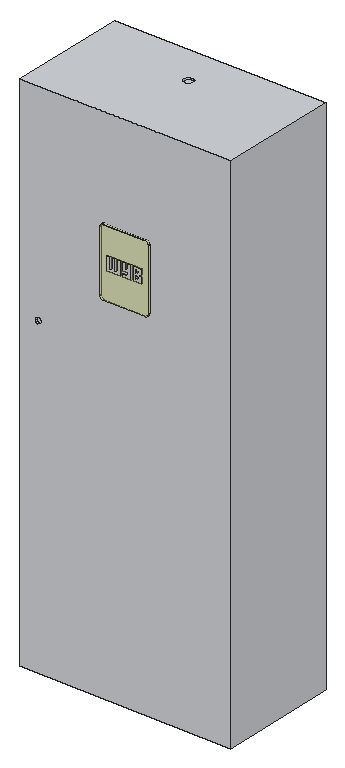
Revit family "ШУВ-Ч_С300_РЖ_ЮТ_18.03.25", category Оборудование, Revit 2020
Family settings
  Размер круглого соединителя = Использовать диаметр
  Классификация = Нет
  Тип детали = Нормальный
  На основе рабочей плоскости = Нет
  Всегда вертикально = Да
  При загрузке вырезать с полостями = Нет
  Общий = Нет
  Точка расчета площади = Нет
Parameters (values of type "ШУВ-Ч_С300_РЖ_ЮТ_55-90кВт")
  расст замок верт = 800 mm
  Ширина [instance] = 800 mm
  Типоразмер шкафа = "Ш20"
  Расст замок = 70 mm
  Расст вывода от левой стенки = 200 mm
  Расст вывода между отв = 60 mm
  Расст вывода от задней стенки = 125 mm
  Расст ПУШ от верхней стенки = 380 mm
  Расст ввод от задней стенки = 150 mm
  Расст ввод от левой стенки = 400 mm
  Расст ПУШ от левой стенки = 310 mm
  Default Elevation = 0 mm
  Description = ""
  Назв гориз ПУШ = 210 mm
  Комментарии к типоразмеру = "Ш20/DEK"
  Изготовитель = "ООО \"Плазма-Т\""
  Группа модели = "ШУВ-Ч"
  Глубина [instance] = 450 mm
  Высота [instance] = 2000 mm
  URL = "https://plazma-t.ru/"
  B = 275 mm
  A = 300 mm
Types (4, lengths in mm): name | расст замок верт | Ширина | Типоразмер шкафа | Расст замок | Расст вывода от левой стенки | Расст вывода от задней стенки | Расст ПУШ от верхней стенки | Расст ввод от задней стенки | Расст ввод от левой стенки | Расст ПУШ от левой стенки | Комментарии к типоразмеру | Глубина | Высота | B | A
  ШУВ-Ч_С300_РЖ_ЮТ_11-15кВт | 400 | 650 | "Ш4" | 55 | 245 | 125 | 110 | 60 | 410 | 335 | "Ш4/DEK" | 250 | 800 | 200 | 225
  ШУВ-Ч_С300_РЖ_ЮТ_0,37-7,5кВт | 300 | 500 | "Ш3" | 55 | 200 | 60 | 110 | 60 | 200 | 220 | "Ш3/DEK" | 220 | 650 | 125 | 150
  ШУВ-Ч_С300_РЖ_ЮТ_55-90кВт | 800 | 800 | "Ш20" | 70 | 200 | 125 | 380 | 150 | 400 | 310 | "Ш20/DEK" | 450 | 2000 | 275 | 300
  ШУВ-Ч_С300_РЖ_ЮТ_18,5-45кВт | 450 | 650 | "Ш5" | 55 | 355 | 125 | 160 | 60 | 375 | 360 | "Ш5/DEK" | 300 | 1000 | 200 | 225
Reference planes
  plane 1 "По центру (Вперед/Назад)": y = 0
  plane 2: z = 0
  plane 3 "По центру (Влево/Вправо)": x = 0
  plane 4: y = -9
Forms (mm)
  Extrusion 1, solid
    sketch origin (0, 0, 0) x (1, 0, 0) y (0, 1, 0)
      loop
        line (0, 0) -> (800, 0) -> (800, 450) -> (0, 450) -> (0, 0)
    from 0 to 2000
  Extrusion 2, solid, material "Источник света по умолчанию"
    sketch origin (0, 0, 0) x (1, 0, 0) y (0, 0, 1)
      loop
        arc (323, 1620) -> (313.808, 1616.192) -> (310, 1607) r 13
        line (310, 1607) -> (310, 1373)
        arc (310, 1373) -> (313.808, 1363.808) -> (323, 1360) r 13
        line (323, 1360) -> (481.542, 1360)
        arc (481.542, 1360) -> (490.734, 1363.808) -> (494.542, 1373) r 13
        line (494.542, 1373) -> (494.542, 1607)
        arc (494.542, 1607) -> (490.734, 1616.192) -> (481.542, 1620) r 13
        line (481.542, 1620) -> (323, 1620)
    from 0 to 9
  Extrusion 3, void
    sketch origin (0, 0, 0) x (1, 0, 0) y (0, 0, 1)
      loop
        circle (70, 1200) r 11.5
    from 10 to -5.347
  Extrusion 4, void
    sketch origin (0, 0, 2000) x (0, 1, 0) y (1, 0, 0)
      loop
        circle (300, 400) r 17
    from 0 to 3
  Extrusion 5, solid
    sketch origin (0, -9, 0) x (1, 0, 0) y (0, 0, 1)
      loop
        line (340.078, 1470) -> (390.25, 1470) -> (390.25, 1520) -> (380.25, 1520) -> (380.25, 1480) -> (370.25, 1480) -> (370.25, 1520) -> (360.25, 1520) -> (360.25, 1480) -> (350.25, 1480) -> (350.25, 1520) -> (340.078, 1520) -> (340.078, 1470)
      loop
        line (400.25, 1520) -> (400.25, 1490) -> (420.25, 1490) -> (420.25, 1480) -> (400.25, 1480) -> (400.25, 1470) -> (430.25, 1470) -> (430.25, 1520) -> (420.25, 1520) -> (420.25, 1500) -> (410.25, 1500) -> (410.25, 1520) -> (400.25, 1520)
      loop
        line (440.25, 1520) -> (440.25, 1470) -> (470.25, 1470) -> (470.25, 1490) -> (465.25, 1495) -> (470.25, 1500) -> (470.25, 1520) -> (440.25, 1520)
      loop
        line (450.25, 1480) -> (460.675, 1480) -> (460.675, 1490) -> (450.25, 1490) -> (450.25, 1480)
      loop
        line (450.675, 1510) -> (450.675, 1500) -> (460.675, 1500) -> (460.675, 1510) -> (450.675, 1510)
    from 0 to 3
  Extrusion 6, void
    sketch origin (0, 0, 0) x (1, 0, 0) y (0, 1, 0)
      loop
        circle (300, 390) r 17
      loop
        circle (350, 390) r 17
      loop
        circle (400, 390) r 17
      loop
        circle (450, 390) r 17
      loop
        circle (500, 390) r 17
      loop
        circle (275, 340) r 17
      loop
        circle (325, 340) r 17
      loop
        circle (375, 340) r 17
      loop
        circle (425, 340) r 17
      loop
        circle (475, 340) r 17
      loop
        circle (525, 340) r 17
    from 0 to 3
Cuts and joins
  Extrusion 3, Extrusion 4, Extrusion 6 cuts Extrusion 1
Dimensions and locks
  "Ширина": Extrusion 1 to Extrusion 1
  "Глубина": Extrusion 1 to Extrusion 1
  "Высота": Extrusion 1 to Extrusion 1
  Extrusion 1 to Extrusion 2 sketch curve = 380 mm
  "Расст ПУШ от верхней стенки": Extrusion 1 to Extrusion 2
  "расст замок верт": Extrusion 1 to Extrusion 3 sketch curve
  "Расст замок": Extrusion 1 to Extrusion 3 sketch curve
  "Расст ввод от левой стенки": Extrusion 4 sketch curve to cut or joined group of Extrusion 1, Extrusion 3, Extrusion 4, Extrusion 6
  "Расст ввод от задней стенки": cut or joined group of Extrusion 1, Extrusion 3, Extrusion 4, Extrusion 6 to Extrusion 4 sketch curve
  locked: Extrusion 2 sketch curve to Extrusion 2 sketch curve at 184.542
  locked: Extrusion 2 sketch curve to Extrusion 2 sketch curve at 260
  "Расст ПУШ от левой стенки": cut or joined group of Extrusion 1, Extrusion 3, Extrusion 4, Extrusion 6 to Extrusion 2 sketch curve
  cut or joined group of Extrusion 1, Extrusion 3, Extrusion 4, Extrusion 6 to cut or joined group of Extrusion 1, Extrusion 3, Extrusion 4, Extrusion 6 = 800 mm
  Extrusion 5 sketch curve to Extrusion 5 sketch curve = 50 mm
  Extrusion 5 sketch curve to Extrusion 2 = 160 mm
  Extrusion 5 sketch curve to Extrusion 5 sketch curve = 50.172 mm
  Extrusion 2 to Extrusion 5 sketch curve = 30.078 mm
  Extrusion 5 sketch curve to Extrusion 5 sketch curve = 60.172 mm
  Extrusion 5 sketch curve to Extrusion 5 sketch curve = 130.172 mm
  Extrusion 5 sketch curve to Extrusion 5 sketch curve = 30 mm  (x2)
  cut or joined group of Extrusion 1, Extrusion 3, Extrusion 4, Extrusion 6 to Extrusion 6 sketch curve = 60 mm  (x5)
  "A": cut or joined group of Extrusion 1, Extrusion 3, Extrusion 4, Extrusion 6 to Extrusion 6 sketch curve
  equal spacing: Extrusion 6 sketch curve, Extrusion 6 sketch curve, Extrusion 6 sketch curve, Extrusion 6 sketch curve, Extrusion 6 sketch curve
  equal spacing: Extrusion 6 sketch curve, Extrusion 6 sketch curve, Extrusion 6 sketch curve, Extrusion 6 sketch curve, Extrusion 6 sketch curve, Extrusion 6 sketch curve
  "B": cut or joined group of Extrusion 1, Extrusion 3, Extrusion 4, Extrusion 6 to Extrusion 6 sketch curve
  cut or joined group of Extrusion 1, Extrusion 3, Extrusion 4, Extrusion 6 to Extrusion 6 sketch curve = 110 mm  (x6)
  diameter of Extrusion 4 sketch curve = 34 mm
  aligned and locked: level to plane 2
  aligned and locked: Extrusion 1 to level
  aligned and locked: Extrusion 1 to plane 3 "По центру (Влево/Вправо)"
  aligned and locked: plane 1 "По центру (Вперед/Назад)" to Extrusion 1
Automatic sketch dimensions
  plane 3 "По центру (Влево/Вправо)" to Extrusion 1 sketch curve = 0 mm
  plane 1 "По центру (Вперед/Назад)" to Extrusion 1 sketch curve = 0 mm
  plane 3 "По центру (Влево/Вправо)" to Extrusion 1 sketch curve = 800 mm
  Extrusion 1 sketch curve to plane 1 "По центру (Вперед/Назад)" = 450 mm
  Extrusion 5 sketch curve to Extrusion 5 sketch curve = 10.172 mm
  Extrusion 5 sketch curve to Extrusion 5 sketch curve = 10 mm  (x15)
  Extrusion 5 sketch curve to Extrusion 5 sketch curve = 0 mm  (x10)
  Extrusion 5 sketch curve to Extrusion 5 sketch curve = 5 mm  (x3)
  Extrusion 5 sketch curve to Extrusion 5 sketch curve = 20 mm
  Extrusion 5 sketch curve to Extrusion 5 sketch curve = 0.425 mm
  Extrusion 5 sketch curve to Extrusion 5 sketch curve = 4.575 mm
  Extrusion 2 sketch curve to Extrusion 2 sketch curve = 13 mm  (x4)
  Extrusion 6 sketch curve to Extrusion 6 sketch curve = 50 mm  (x2)
  radius of Extrusion 3 sketch curve = 11.5 mm
  radius of Extrusion 6 sketch curve = 17 mm  (x11)
Connectors
  electrical at (400, 300, 1997)
    settings: on cut or joined group of Extrusion 1, Extrusion 3, Extrusion 4, Extrusion 6, index 1, voltage 0 V, apparent load 0 VA, apparent load phase1 0 VA, apparent load phase2 0 VA, apparent load phase3 0 VA, power factor 1, load classification "Прочее", number of poles 1, system type 30, power factor state 1, is connector primary yes, connector utility no, sub classification motor no, connector description "380В или 220В"
  electrical at (275, 340, 3)
    settings: on cut or joined group of Extrusion 1, Extrusion 3, Extrusion 4, Extrusion 6, index 2, voltage 0 V, apparent load 0 VA, apparent load phase1 0 VA, apparent load phase2 0 VA, apparent load phase3 0 VA, power factor 1, load classification "Прочее", number of poles 1, system type 11, power factor state 1, is connector primary no, connector utility no, sub classification motor no, connector description "Сухой контакт"
  electrical at (325, 340, 3)
    settings: on cut or joined group of Extrusion 1, Extrusion 3, Extrusion 4, Extrusion 6, index 3, voltage 0 V, apparent load 0 VA, apparent load phase1 0 VA, apparent load phase2 0 VA, apparent load phase3 0 VA, power factor 1, load classification "Прочее", number of poles 1, system type 11, power factor state 1, is connector primary no, connector utility no, sub classification motor no, connector description "Сухой контакт"
  electrical at (375, 340, 3)
    settings: on cut or joined group of Extrusion 1, Extrusion 3, Extrusion 4, Extrusion 6, index 4, voltage 0 V, apparent load 0 VA, apparent load phase1 0 VA, apparent load phase2 0 VA, apparent load phase3 0 VA, power factor 1, load classification "Прочее", number of poles 1, system type 11, power factor state 1, is connector primary no, connector utility no, sub classification motor no, connector description "Сухой контакт"
  electrical at (425, 340, 3)
    settings: on cut or joined group of Extrusion 1, Extrusion 3, Extrusion 4, Extrusion 6, index 5, voltage 0 V, apparent load 0 VA, apparent load phase1 0 VA, apparent load phase2 0 VA, apparent load phase3 0 VA, power factor 1, load classification "Прочее", number of poles 1, system type 30, power factor state 1, is connector primary no, connector utility no, sub classification motor no, connector description "380В или 220В"
  electrical at (475, 340, 3)
    settings: on cut or joined group of Extrusion 1, Extrusion 3, Extrusion 4, Extrusion 6, index 6, voltage 0 V, apparent load 0 VA, apparent load phase1 0 VA, apparent load phase2 0 VA, apparent load phase3 0 VA, power factor 1, load classification "Прочее", number of poles 1, system type 13, power factor state 1, is connector primary no, connector utility no, sub classification motor no, connector description "Шлейф"
  electrical at (525, 340, 3)
    settings: on cut or joined group of Extrusion 1, Extrusion 3, Extrusion 4, Extrusion 6, index 7, voltage 0 V, apparent load 0 VA, apparent load phase1 0 VA, apparent load phase2 0 VA, apparent load phase3 0 VA, power factor 1, load classification "Прочее", number of poles 1, system type 13, power factor state 1, is connector primary no, connector utility no, sub classification motor no, connector description "Шлейф"
  electrical at (300, 390, 3)
    settings: on cut or joined group of Extrusion 1, Extrusion 3, Extrusion 4, Extrusion 6, index 8, voltage 0 V, apparent load 0 VA, apparent load phase1 0 VA, apparent load phase2 0 VA, apparent load phase3 0 VA, power factor 1, load classification "Прочее", number of poles 1, system type 13, power factor state 1, is connector primary no, connector utility no, sub classification motor no, connector description "Шлейф"
  electrical at (350, 390, 3)
    settings: on cut or joined group of Extrusion 1, Extrusion 3, Extrusion 4, Extrusion 6, index 9, voltage 0 V, apparent load 0 VA, apparent load phase1 0 VA, apparent load phase2 0 VA, apparent load phase3 0 VA, power factor 1, load classification "Прочее", number of poles 1, system type 13, power factor state 1, is connector primary no, connector utility no, sub classification motor no, connector description "Шлейф"
  electrical at (400, 390, 3)
    settings: on cut or joined group of Extrusion 1, Extrusion 3, Extrusion 4, Extrusion 6, index 10, voltage 0 V, apparent load 0 VA, apparent load phase1 0 VA, apparent load phase2 0 VA, apparent load phase3 0 VA, power factor 1, load classification "Прочее", number of poles 1, system type 13, power factor state 1, is connector primary no, connector utility no, sub classification motor no, connector description "Шлейф"
  electrical at (450, 390, 3)
    settings: on cut or joined group of Extrusion 1, Extrusion 3, Extrusion 4, Extrusion 6, index 11, voltage 0 V, apparent load 0 VA, apparent load phase1 0 VA, apparent load phase2 0 VA, apparent load phase3 0 VA, power factor 1, load classification "Прочее", number of poles 1, system type 13, power factor state 1, is connector primary no, connector utility no, sub classification motor no, connector description "Шлейф"
  electrical at (500, 390, 3)
    settings: on cut or joined group of Extrusion 1, Extrusion 3, Extrusion 4, Extrusion 6, index 12, voltage 0 V, apparent load 0 VA, apparent load phase1 0 VA, apparent load phase2 0 VA, apparent load phase3 0 VA, power factor 1, load classification "Прочее", number of poles 1, system type 13, power factor state 1, is connector primary no, connector utility no, sub classification motor no, connector description "Шлейф"
